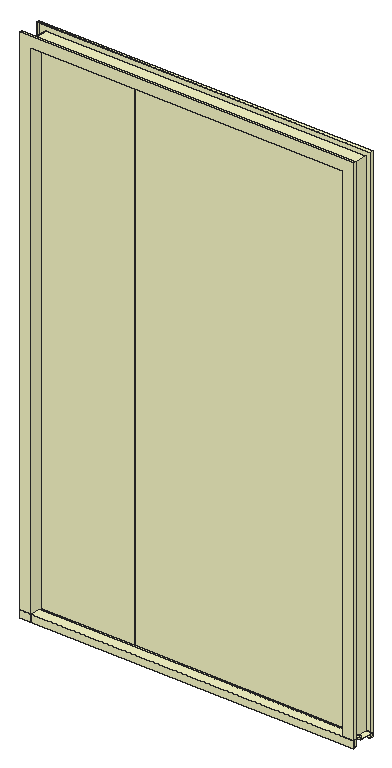
Revit family
Parameters (values of type "1.4x2.2")
  Function = (empty or 0)
  Assembly Code = ""
  위치 = 200 mm
  Thickness = 100 mm
  Rough Width = 1020 mm
  Height = 2200 mm
  Wall Closure = (empty or 0)
  Width = 1400 mm
Reference planes
  plane 1: y = 0
  plane 2 "중심(왼쪽/오른쪽)": x = 0
  plane 3 "좌측면": x = -700
  plane 4 "오른쪽": x = 700
  plane 5: z = 2200
  plane 6 "외부": y = 100
  plane 7 "내부": y = -100
  plane 8 "위치": y = 100
  plane 9 "두께": y = 0
  plane 10: x = -199.981
  plane 11: z = 1000
  plane 12: z = 1402.667
  plane 13: z = 246
  plane 14: z = 824.333
  plane 15: z = 1981
  plane 16: x = -265.981
Forms (mm)
  Sweep 1, solid, material "문-Frame", detail levels medium+fine
    path origin (0, 100, 0) x (1, 0, 0) y (0, 0, 1)
      loop
        line (-700, 0) -> (-700, 2200) -> (700, 2200) -> (700, 0)
    profile origin (-700, 100, 1100) x (-1, 0, 0) y (0, -1, 0)
      loop
        line (0, 0) -> (0, 10) -> (-1.6, 10) -> (-1.6, 1.6) -> (-28.4, 1.6) -> (-28.4, 56.6) -> (-43.4, 56.6) -> (-43.4, 98.4) -> (-1.6, 98.4) -> (-1.6, 90) -> (0, 90) -> (0, 100) -> (-45, 100) -> (-45, 45) -> (-41.3, 45) -> (-41.3, 55) -> (-30, 55) -> (-30, 0) -> (0, 0)
  Extrusion 2, solid, material "문-Frame"
    sketch origin (-700, 0, 0) x (0, -1, 0) y (0, 0, 1)
      loop
        line (-100, 0) -> (-90, 0) -> (-90, 1.6) -> (-98.4, 1.6) -> (-98.4, 13.4) -> (-38.4, 13.4) -> (-38.4, 28.4) -> (-1.6, 28.4) -> (-1.6, 1.6) -> (-10, 1.6) -> (-10, 0) -> (0, 0) -> (0, 30) -> (-40, 30) -> (-40, 15) -> (-100, 15) -> (-100, 0)
    from -1400 to 0
  Extrusion 3, solid, material "문-Frame"
    sketch origin (0, 100, 0) x (1, 0, 0) y (0, 0, 1)
      loop
        line (666, 21) -> (666, 2166) -> (-265.981, 2166) -> (-265.981, 21) -> (666, 21)
    from 1 to 39
  Extrusion 4, solid, material "sst"
    sketch origin (200.019, 100, 0) x (1, 0, 0) y (0, 0, 1)
      loop
        circle (-400, 1000) r 40
      loop
        circle (-400, 1000) r 32.5
    from 0 to -2
  Extrusion 5, solid, material "sst"
    sketch origin (400.019, 100, 0) x (1, 0, 0) y (0, 0, 1)
      loop
        line (-575.848, 978.253) -> (-581.421, 983.272)
        arc (-581.421, 983.272) -> (-616.728, 981.421) -> (-618.579, 1016.728) r 25
        line (-618.579, 1016.728) -> (-624.152, 1021.747)
        arc (-624.152, 1021.747) -> (-621.747, 975.848) -> (-575.848, 978.253) r 32.5
    from 0 to -1.5
  Extrusion 6, solid, material "sst"
    sketch origin (400.019, 100, 0) x (1, 0, 0) y (0, 0, 1)
      loop
        circle (-600, 1000) r 32.5
    from 0 to -1
  Extrusion 7, solid, material "sst", detail levels medium+fine
    sketch origin (0, 100, 0) x (1, 0, 0) y (0, 0, 1)
      loop
        line (-265.981, 2166) -> (-666, 2166) -> (-666, 21) -> (-265.981, 21) -> (-265.981, 2166)
    from 0 to 1
  Extrusion 8, solid, material "sst 2", detail levels medium+fine
    sketch origin (0, 100, 0) x (1, 0, 0) y (0, 0, 1)
      loop
        line (666, 2166) -> (-265.981, 2166) -> (-265.981, 1986) -> (666, 1986) -> (666, 2166)
      loop
        line (666, 241) -> (-265.981, 241) -> (-265.981, 21) -> (666, 21) -> (666, 241)
      loop
        line (-265.981, 1981) -> (-265.981, 1405.167) -> (666, 1405.167) -> (666, 1981) -> (-265.981, 1981)
      loop
        line (666, 246) -> (666, 821.833) -> (-265.981, 821.833) -> (-265.981, 246) -> (666, 246)
      loop
        line (666, 826.833) -> (666, 1400.167) -> (-265.981, 1400.167) -> (-265.981, 826.833) -> (666, 826.833)
    from 0 to 1
  Extrusion 9, solid, material "문-Frame"
    sketch origin (-531.961, 100, 0) x (-1, 0, 0) y (0, 0, -1)
      loop
        line (134.039, -21) -> (-265.981, -21) -> (-265.981, -2166) -> (134.039, -2166) -> (134.039, -21)
    from 1 to 39
Lines and regions (mm)
  Opening 1
    outline origin (-3050, -100, 0) x (1, 0, 0) y (0, 0, 1)
      loop
        line (2340, 0) -> (3760, 0) -> (3760, 2210) -> (2340, 2210) -> (2340, 0)
  symbolic lines, style "입면도 스윙"
    curve 1: line (700, -100, 1100) -> (-269.403, -100, 2155)
    curve 2: line (700, 100, 1100) -> (-269.403, 100, 2155)
    curve 19: line (700, -100, 1100) -> (-265.981, -100, 30)
    curve 20: line (700, 100, 1100) -> (-265.981, 100, 30)
  symbolic lines, style "DoorsFrameMullionProjection", detail levels coarse+medium
    curve 3: line (-700, 100, 0) -> (-670, 100, 0)
    curve 4: line (-670, 100, 0) -> (-670, 55, 0)
    curve 5: line (-670, 55, 0) -> (-655, 55, 0)
    curve 6: line (-655, 55, 0) -> (-655, 0, 0)
    curve 7: line (-655, 0, 0) -> (-700, 0, 0)
    curve 8: line (-700, 0, 0) -> (-700, 100, 0)
    curve 9: line (700, 100, 0) -> (670, 100, 0)
    curve 10: line (670, 100, 0) -> (670, 55, 0)
    curve 11: line (670, 55, 0) -> (655, 55, 0)
    curve 12: line (655, 55, 0) -> (655, 0, 0)
    curve 13: line (655, 0, 0) -> (700, 0, 0)
    curve 14: line (700, 0, 0) -> (700, 100, 0)
    curve 15: line (-655, 0, 0) -> (655, 0, 0)
    curve 16: line (-655, 40, 0) -> (655, 40, 0)
    curve 23: line (-700, 100, 0) -> (-670, 100, 0)
  symbolic lines, style "평면도 스윙", detail levels coarse
    curve 17: line (670, 100, 0) -> (670, 955.123, 0)
    curve 21: line (-670, 100, 0) -> (-670, 504.023, 0)
  symbolic lines, style "평면도 스윙"
    curve 18: arc (1432.108, 163.848, 0) -> (551.161, 958.865, 0) -> (-265.981, 98.4, 0) r 849.949
    curve 22: arc (-265.981, 98.4, 0) -> (-630.724, 502.109, 0) -> (-1066.693, 176.609, 0) r 404.023
  symbolic lines, style "Doors", detail levels medium+fine
    curve 24: line (-629.218, 151.861, 0) -> (-630.614, 191.837, 0)
    curve 25: line (-630.614, 191.837, 0) -> (-1066.693, 176.609, 0)
    curve 26: line (-1065.297, 136.633, 0) -> (-629.218, 151.861, 0)
    curve 27: line (-1066.693, 176.609, 0) -> (-1065.297, 136.633, 0)
    curve 28: line (629.218, 151.861, 0) -> (630.614, 191.837, 0)
    curve 29: line (630.614, 191.837, 0) -> (1432.261, 163.843, 0)
    curve 30: line (1430.865, 123.867, 0) -> (629.218, 151.861, 0)
    curve 31: line (1432.261, 163.843, 0) -> (1430.865, 123.867, 0)
Text (mm)
  text "외부" at (-2295.016, 1099.543, 0), in view "참조 레벨"
  text "외부" at (0, 1615.38, 3698.081), in view "좌측면"
  text "외부" at (0, 1036.032, 3874.932), in view "오른쪽"
Dimensions and locks
  equal spacing: plane 3 "좌측면", plane 2 "중심(왼쪽/오른쪽)", plane 4 "오른쪽"
  "Width": plane 3 "좌측면" to plane 4 "오른쪽"
  "Height": host wall to plane 5
  equal spacing: host wall, curve 2, plane 5
  plane 6 "외부" to host wall = 0 mm
  plane 7 "내부" to host wall = 0 mm
  "위치": plane 7 "내부" to plane 8 "위치"
  locked: plane 4 "오른쪽" to Opening 1 sketch curve at 10
  locked: Opening 1 sketch curve to plane 3 "좌측면" at 10
  locked: plane 5 to Opening 1 sketch curve at 10
  locked: Sweep 1 sketch curve to Sweep 1 sketch curve at 1.6
  locked: Sweep 1 sketch curve to Sweep 1 sketch curve at 55
  "Thickness": plane 9 "두께" to plane 8 "위치"
  locked: Extrusion 3 sketch curve to Sweep 1 at 4  (x2)
  Extrusion 3 sketch curve to Sweep 1 = 404.019 mm
  locked: Extrusion 2 to Extrusion 3 sketch curve at 6
  Sweep 1 to plane 10 = 470.019 mm
  locked: level to plane 11 at 1000
  Extrusion 8 sketch curve to Extrusion 7 = 0 mm  (x2)
  locked: Extrusion 8 sketch curve to Sweep 1 at 184
  locked: Extrusion 2 to Extrusion 8 sketch curve at 227.6
  locked: plane 15 to Extrusion 3 at 185
  locked: Extrusion 8 sketch curve to plane 13 at 225
  equal spacing: plane 13, plane 14, plane 12, plane 15
  Extrusion 8 sketch curve to plane 12 to Extrusion 8 sketch curve = 2.5 mm, 2.5 mm
  Extrusion 8 sketch curve to plane 14 to Extrusion 8 sketch curve = 2.5 mm locked, 2.5 mm locked
  locked: nested 1 to plane 4 "오른쪽" at 19.587
  locked: nested 1 to plane 8 "위치" at 33.351
  aligned and locked: Opening 1 sketch curve to level
  aligned and locked: plane 1 to host wall
  aligned and locked: plane 9 "두께" to Sweep 1 sketch curve
  aligned and locked: plane 9 "두께" to Extrusion 2 sketch curve
  aligned and locked: plane 8 "위치" to Extrusion 2 sketch curve
  aligned and locked: Extrusion 2 to plane 4 "오른쪽"
  aligned and locked: curve 3 to Sweep 1
  aligned and locked: curve 5 to Sweep 1
  aligned and locked: Sweep 1 to Extrusion 2
  aligned and locked: Extrusion 8 sketch curve to Extrusion 3  (x6)
  aligned and locked: Extrusion 8 sketch curve to plane 15
  aligned and locked: Sweep 1 to curve 13
  aligned and locked: curve 11 to Sweep 1
  aligned and locked: Sweep 1 to curve 9
  aligned and locked: curve 8 to Extrusion 2
  aligned and locked: curve 4 to Sweep 1
  aligned and locked: curve 6 to Sweep 1
  aligned and locked: curve 14 to Extrusion 2
  aligned and locked: curve 10 to Sweep 1
  aligned and locked: curve 12 to Sweep 1
  aligned and locked: curve 2 to curve 1
  aligned and locked: Extrusion 3 sketch curve to plane 16
  aligned and locked: Extrusion 3 to Extrusion 8 sketch curve
  aligned and locked: plane 16 to Extrusion 8 sketch curve
  aligned: curve 20 to curve 19
Automatic sketch dimensions
  Sweep 1 sketch curve to plane 3 "좌측면" = 0 mm
  Sweep 1 sketch curve to plane 4 "오른쪽" = 0 mm
  Sweep 1 sketch curve to level = 0 mm  (x2)
  Sweep 1 sketch curve to plane 5 = 0 mm
  Sweep 1 sketch curve to plane 8 "위치" = 0 mm
  Sweep 1 sketch curve to profile plane = 0 mm  (x2)
  profile plane to Sweep 1 sketch curve = 1.6 mm  (x2)
  profile plane to Sweep 1 sketch curve = 28.4 mm
  Sweep 1 sketch curve to Sweep 1 sketch curve = 1.6 mm  (x3)
  Sweep 1 sketch curve to Sweep 1 sketch curve = 11.3 mm
  Sweep 1 sketch curve to Sweep 1 sketch curve = 41.8 mm
  plane 8 "위치" to Sweep 1 sketch curve = 1.6 mm
  Sweep 1 sketch curve to Sweep 1 sketch curve = 8.4 mm  (x2)
  Sweep 1 sketch curve to Sweep 1 sketch curve = 10 mm
  Extrusion 2 sketch curve to level = 0 mm  (x2)
  level to Extrusion 2 sketch curve = 15 mm
  Extrusion 2 sketch curve to Extrusion 2 sketch curve = 15 mm
  Extrusion 2 sketch curve to plane 9 "두께" = 40 mm
  Extrusion 2 sketch curve to Extrusion 2 sketch curve = 1.6 mm  (x3)
  Extrusion 2 sketch curve to plane 9 "두께" = 1.6 mm
  plane 8 "위치" to Extrusion 2 sketch curve = 1.6 mm
  Extrusion 2 sketch curve to plane 9 "두께" = 10 mm
  plane 8 "위치" to Extrusion 2 sketch curve = 10 mm
  level to Extrusion 2 sketch curve = 1.6 mm  (x2)
  Extrusion 4 sketch curve to plane 10 = 0 mm
  Extrusion 4 sketch curve to plane 11 = 0 mm
  Extrusion 4 sketch curve to Extrusion 4 sketch curve = 0 mm  (x2)
  Extrusion 5 sketch curve to Extrusion 5 sketch curve = 0 mm  (x2)
  Extrusion 5 sketch curve to plane 3 "좌측면" = 475.867 mm
  Extrusion 5 sketch curve to Extrusion 5 sketch curve = 5.574 mm  (x2)
  Extrusion 5 sketch curve to Extrusion 5 sketch curve = 18.579 mm  (x2)
  level to Extrusion 5 sketch curve = 978.253 mm
  Extrusion 5 sketch curve to Extrusion 5 sketch curve = 5.018 mm
  Extrusion 5 sketch curve to Extrusion 5 sketch curve = 16.728 mm
  Extrusion 6 sketch curve to plane 3 "좌측면" = 500.019 mm
  level to Extrusion 6 sketch curve = 1000 mm
  level to Extrusion 7 sketch curve = 21 mm
  Extrusion 7 sketch curve to Extrusion 7 sketch curve = 400.019 mm
  plane 5 to Extrusion 7 sketch curve = 34 mm
  Extrusion 7 sketch curve to plane 3 "좌측면" = 34 mm
  Extrusion 8 sketch curve to Extrusion 8 sketch curve = 0 mm  (x2)
  Extrusion 8 sketch curve to plane 13 = 0 mm
  plane 4 "오른쪽" to Extrusion 8 sketch curve = 34 mm
  Extrusion 9 sketch curve to plane 16 = 0 mm
  plane 5 to Extrusion 9 sketch curve = 34 mm
  Extrusion 9 sketch curve to plane 3 "좌측면" = 34 mm
  level to Extrusion 9 sketch curve = 21 mm
  curve 22 to host wall = 0 mm
  curve 18 to plane 16 = 0 mm
  host wall to curve 26 = 36.633 mm
  plane 3 "좌측면" to curve 26 = 365.297 mm
  host wall to curve 27 = 76.609 mm
  curve 27 to curve 26 = 1.396 mm
  curve 22 to curve 3 = 0 mm
  curve 24 to plane 3 "좌측면" = 69.386 mm
  host wall to curve 18 = 9.546 mm
  curve 18 to curve 9 = 86.105 mm
  curve 18 to curve 28 = 45.323 mm
  curve 28 to curve 28 = 1.396 mm
  host wall to curve 30 = 23.867 mm
  curve 30 to plane 4 "오른쪽" = 730.865 mm
  curve 18 to curve 29 = 0.153 mm
  curve 16 to curve 11 = 15 mm
  curve 1 to plane 4 "오른쪽" = 0 mm
  curve 2 to plane 4 "오른쪽" = 0 mm
  plane 16 to curve 2 = 3.422 mm
  plane 5 to curve 2 = 45 mm
  plane 16 to curve 1 = 3.422 mm
  curve 19 to plane 16 = 0 mm
  curve 19 to plane 4 "오른쪽" = 0 mm
  level to curve 19 = 30 mm
  level to curve 19 = 1100 mm
  curve 20 to plane 4 "오른쪽" = 0 mm
  curve 20 to plane 16 = 0 mm
  level to curve 20 = 30 mm
  level to curve 20 = 1100 mm
  radius of Extrusion 4 sketch curve = 40 mm
  radius of Extrusion 4 sketch curve = 32.5 mm
  radius of Extrusion 6 sketch curve = 32.5 mm
Nested families
  nested 1: "힌지90" at (647.165, 126.11, 0), type "50mm 지름", detail levels medium+fine
  nested 2: "힌지90" at (-647.165, 126.11, 0) x (-1, 0, 0) z (0, 0, 1), type "50mm 지름", detail levels medium+fine
Definition of nested family "힌지90"
  Parameters (values of type "50mm 지름")
    장착 지름 = 50 mm
    난간 반지름 = 20 mm
    받침 지름 = 10 mm
    받침 간격띄우기 = 38 mm
    벽 간격띄우기 = 70 mm
  Reference planes
    plane 1 "중심(입면)": y = 0
    plane 2: z = 0
    plane 3 "중심(왼쪽/오른쪽)": x = 0
    plane 4 "벽": x = 70
    plane 5 "받침 중심": y = -58
    plane 6: y = -20, in view "지층"
    plane 7: y = 20, in view "지층"
  Lines and regions (mm)
    model lines, style "0", in view "지층"
      curve 1: arc (21.62, 0.388, 0) -> (-14.247, 16.266, 0) -> (-3.232, -21.38, 0) r 21.623
      curve 2: arc (40.602, 0.639, 0) -> (40.229, -4.355, 0) -> (36.41, -7.595, 0) r 6.487
      curve 3: arc (13.894, 16.569, 0) -> (-5.732, 20.849, 0) -> (-20.411, 7.137, 0) r 21.623
      curve 4: arc (25.825, 20.548, 0) -> (26.501, 21.015, 0) -> (26.761, 21.794, 0) r 1.297
      curve 5: arc (-2.129, -22.618, 0) -> (-2.457, -21.8, 0) -> (-3.232, -21.38, 0) r 1.297
      curve 6: arc (56.633, -28.52, 0) -> (54.574, -24.002, 0) -> (49.923, -22.264, 0) r 6.487
      curve 7: arc (21.62, 0.388, 0) -> (29.116, -8.089, 0) -> (40.078, -10.895, 0) r 19.268
      curve 8: arc (56.783, -32.829, 0) -> (58.156, -35.841, 0) -> (61.256, -37, 0) r 4.325
      curve 9: arc (95.364, -40.137, 0) -> (93.991, -37.125, 0) -> (90.891, -35.965, 0) r 4.325
      curve 10: line (95.364, -40.137, 0) -> (95.922, -56.126, 0)
      curve 11: line (95.922, -56.126, 0) -> (-0.841, -59.505, 0)
      curve 12: line (-0.841, -59.505, 0) -> (-2.129, -22.618, 0)
      curve 13: line (36.41, -7.595, 0) -> (31.273, -9.226, 0)
      curve 14: line (-20.411, 7.137, 0) -> (25.825, 20.548, 0)
      curve 15: line (26.761, 21.794, 0) -> (26.761, 59.46, 0)
      curve 16: line (26.761, 59.46, 0) -> (33.248, 59.46, 0)
      curve 17: line (33.248, 59.46, 0) -> (33.248, 22.701, 0)
      curve 18: line (33.248, 22.701, 0) -> (40.602, 0.639, 0)
      curve 19: line (56.633, -28.52, 0) -> (56.783, -32.829, 0)
      curve 20: line (40.078, -10.895, 0) -> (49.923, -22.264, 0)
      curve 21: line (61.256, -37, 0) -> (90.891, -35.965, 0)
      curve 23: line (-16.551, -65.727, 0) -> (-17.947, -25.752, 0)
    detail lines, style "0", in view "지층"
      curve 22: line (343.23, -53.163, 0) -> (-16.551, -65.727, 0)
      curve 24: line (-17.947, -25.752, 0) -> (341.834, -13.188, 0)
  Dimensions and locks
    "벽 간격띄우기": plane 3 "중심(왼쪽/오른쪽)" to plane 4 "벽"
    "받침 간격띄우기": plane 6 to plane 5 "받침 중심"
    "난간 반지름": plane 1 "중심(입면)" to plane 6
    "난간 반지름": plane 1 "중심(입면)" to plane 7
  Automatic sketch dimensions
    curve 24 to plane 6 = 5.752 mm
    curve 24 to plane 3 "중심(왼쪽/오른쪽)" = 17.947 mm
    plane 5 "받침 중심" to curve 22 = 7.727 mm
    curve 22 to plane 3 "중심(왼쪽/오른쪽)" = 16.551 mm
    plane 6 to curve 24 = 6.812 mm
    curve 24 to plane 4 "벽" = 271.834 mm
    curve 22 to plane 5 "받침 중심" = 4.837 mm
    curve 24 to curve 22 = 1.396 mm
